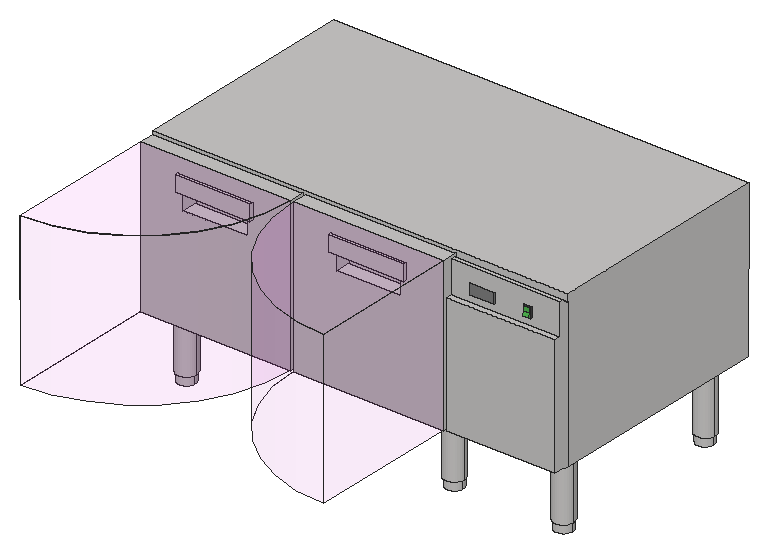
Revit family "QF_ELECTROLUXPROFESSIONAL_371371_E7TTCPCOMIN", category Specialty Equipment, Revit 2018 (continued)
Automatic sketch dimensions
  Split face 147 sketch curve to Extrusion 3 = 22.519 mm
  Split face 147 sketch curve to Extrusion 3 = 65.003 mm
  Split face 147 sketch curve to Split face 147 sketch curve = 4 mm
  Split face 148 sketch curve to Extrusion 3 = 54.499 mm
  Split face 148 sketch curve to Split face 148 sketch curve = 0.02 mm  (x2)
  Split face 148 sketch curve to Extrusion 3 = 22.519 mm
  Split face 148 sketch curve to Extrusion 3 = 53.004 mm
  Split face 148 sketch curve to Split face 148 sketch curve = 4 mm
  Split face 149 sketch curve to Extrusion 3 = 54.499 mm
  Split face 149 sketch curve to Split face 149 sketch curve = 0.02 mm  (x2)
  Split face 149 sketch curve to Extrusion 3 = 22.519 mm
  Split face 149 sketch curve to Extrusion 3 = 41.004 mm
  Split face 149 sketch curve to Split face 149 sketch curve = 4 mm
  Split face 150 sketch curve to Extrusion 3 = 25.004 mm
  Split face 150 sketch curve to Extrusion 3 = 54.499 mm
  Split face 150 sketch curve to Split face 150 sketch curve = 0.02 mm  (x2)
  Split face 150 sketch curve to Extrusion 3 = 22.519 mm
  Split face 150 sketch curve to Split face 150 sketch curve = 4 mm
  Split face 151 sketch curve to Extrusion 3 = 24.901 mm
  Split face 151 sketch curve to Extrusion 3 = 54.499 mm
  Split face 151 sketch curve to Split face 151 sketch curve = 0.02 mm  (x2)
  Split face 151 sketch curve to Extrusion 3 = 22.519 mm
  Split face 151 sketch curve to Split face 151 sketch curve = 4 mm
  Split face 152 sketch curve to Extrusion 3 = 20.5 mm
  Split face 152 sketch curve to Split face 152 sketch curve = 0.02 mm  (x2)
  Split face 152 sketch curve to Split face 152 sketch curve = 31.959 mm
  Split face 152 sketch curve to Extrusion 3 = 140.797 mm
  Split face 152 sketch curve to Split face 152 sketch curve = 4 mm
  Split face 153 sketch curve to Extrusion 3 = 20.5 mm
  Split face 153 sketch curve to Split face 153 sketch curve = 0.02 mm  (x2)
  Split face 153 sketch curve to Split face 153 sketch curve = 31.959 mm
  Split face 153 sketch curve to Extrusion 3 = 152.797 mm
  Split face 153 sketch curve to Split face 153 sketch curve = 4 mm
  Split face 154 sketch curve to Extrusion 3 = 20.5 mm
  Split face 154 sketch curve to Split face 154 sketch curve = 0.02 mm  (x2)
  Split face 154 sketch curve to Split face 154 sketch curve = 31.959 mm
  Split face 154 sketch curve to Extrusion 3 = 148.203 mm
  Split face 154 sketch curve to Split face 154 sketch curve = 4 mm
  Split face 155 sketch curve to Extrusion 3 = 65.502 mm
  Split face 155 sketch curve to Split face 155 sketch curve = 0.02 mm  (x2)
  Split face 155 sketch curve to Split face 155 sketch curve = 31.959 mm
  Split face 155 sketch curve to Extrusion 3 = 140.797 mm
  Split face 155 sketch curve to Split face 155 sketch curve = 4 mm
  Split face 156 sketch curve to Extrusion 3 = 65.502 mm
  Split face 156 sketch curve to Split face 156 sketch curve = 0.02 mm  (x2)
  Split face 156 sketch curve to Split face 156 sketch curve = 31.959 mm
  Split face 156 sketch curve to Extrusion 3 = 152.797 mm
  Split face 156 sketch curve to Split face 156 sketch curve = 4 mm
  Split face 157 sketch curve to Extrusion 3 = 65.502 mm
  Split face 157 sketch curve to Split face 157 sketch curve = 0.02 mm  (x2)
  Split face 157 sketch curve to Split face 157 sketch curve = 31.959 mm
  Split face 157 sketch curve to Extrusion 3 = 148.203 mm
  Split face 157 sketch curve to Split face 157 sketch curve = 4 mm
  Split face 158 sketch curve to Extrusion 3 = 110.502 mm
  Split face 158 sketch curve to Split face 158 sketch curve = 0.02 mm  (x2)
  Split face 158 sketch curve to Split face 158 sketch curve = 31.959 mm
  Split face 158 sketch curve to Extrusion 3 = 140.797 mm
  Split face 158 sketch curve to Split face 158 sketch curve = 4 mm
  Split face 159 sketch curve to Extrusion 3 = 110.502 mm
  Split face 159 sketch curve to Split face 159 sketch curve = 0.02 mm  (x2)
  Split face 159 sketch curve to Split face 159 sketch curve = 31.959 mm
  Split face 159 sketch curve to Extrusion 3 = 152.797 mm
  Split face 159 sketch curve to Split face 159 sketch curve = 4 mm
  Split face 160 sketch curve to Extrusion 3 = 110.502 mm
  Split face 160 sketch curve to Split face 160 sketch curve = 0.02 mm  (x2)
  Split face 160 sketch curve to Split face 160 sketch curve = 31.959 mm
  Split face 160 sketch curve to Extrusion 3 = 148.203 mm
  Split face 160 sketch curve to Split face 160 sketch curve = 4 mm
  Split face 161 sketch curve to Extrusion 3 = 155.502 mm
  Split face 161 sketch curve to Split face 161 sketch curve = 0.02 mm  (x2)
  Split face 161 sketch curve to Split face 161 sketch curve = 31.959 mm
  Split face 161 sketch curve to Extrusion 3 = 140.797 mm
  Split face 161 sketch curve to Split face 161 sketch curve = 4 mm
  Split face 162 sketch curve to Extrusion 3 = 155.502 mm
  Split face 162 sketch curve to Split face 162 sketch curve = 0.02 mm  (x2)
  Split face 162 sketch curve to Split face 162 sketch curve = 31.959 mm
  Split face 162 sketch curve to Extrusion 3 = 152.797 mm
  Split face 162 sketch curve to Split face 162 sketch curve = 4 mm
  Split face 163 sketch curve to Extrusion 3 = 155.502 mm
  Split face 163 sketch curve to Split face 163 sketch curve = 0.02 mm  (x2)
  Split face 163 sketch curve to Split face 163 sketch curve = 31.959 mm
  Split face 163 sketch curve to Extrusion 3 = 148.203 mm
  Split face 163 sketch curve to Split face 163 sketch curve = 4 mm
  Split face 164 sketch curve to Extrusion 3 = 144.498 mm
  Split face 164 sketch curve to Split face 164 sketch curve = 0.02 mm  (x2)
  Split face 164 sketch curve to Split face 164 sketch curve = 31.959 mm
  Split face 164 sketch curve to Extrusion 3 = 140.797 mm
  Split face 164 sketch curve to Split face 164 sketch curve = 4 mm
  Split face 165 sketch curve to Extrusion 3 = 144.498 mm
  Split face 165 sketch curve to Split face 165 sketch curve = 0.02 mm  (x2)
  Split face 165 sketch curve to Split face 165 sketch curve = 31.959 mm
  Split face 165 sketch curve to Extrusion 3 = 152.797 mm
  Split face 165 sketch curve to Split face 165 sketch curve = 4 mm
  Split face 166 sketch curve to Extrusion 3 = 144.498 mm
  Split face 166 sketch curve to Split face 166 sketch curve = 0.02 mm  (x2)
  Split face 166 sketch curve to Split face 166 sketch curve = 31.959 mm
  Split face 166 sketch curve to Extrusion 3 = 148.203 mm
  Split face 166 sketch curve to Split face 166 sketch curve = 4 mm
  Split face 167 sketch curve to Extrusion 3 = 99.499 mm
  Split face 167 sketch curve to Split face 167 sketch curve = 0.02 mm  (x2)
  Split face 167 sketch curve to Split face 167 sketch curve = 31.959 mm
  Split face 167 sketch curve to Extrusion 3 = 140.797 mm
  Split face 167 sketch curve to Split face 167 sketch curve = 4 mm
  Split face 168 sketch curve to Extrusion 3 = 99.499 mm
  Split face 168 sketch curve to Split face 168 sketch curve = 0.02 mm  (x2)
  Split face 168 sketch curve to Split face 168 sketch curve = 31.959 mm
  Split face 168 sketch curve to Extrusion 3 = 152.797 mm
  Split face 168 sketch curve to Split face 168 sketch curve = 4 mm
  Split face 169 sketch curve to Extrusion 3 = 99.499 mm
  Split face 169 sketch curve to Split face 169 sketch curve = 0.02 mm  (x2)
  Split face 169 sketch curve to Split face 169 sketch curve = 31.959 mm
  Split face 169 sketch curve to Extrusion 3 = 148.203 mm
  Split face 169 sketch curve to Split face 169 sketch curve = 4 mm
  Split face 170 sketch curve to Extrusion 3 = 54.499 mm
  Split face 170 sketch curve to Split face 170 sketch curve = 0.02 mm  (x2)
  Split face 170 sketch curve to Extrusion 3 = 22.519 mm
  Split face 170 sketch curve to Extrusion 3 = 140.797 mm
  Split face 170 sketch curve to Split face 170 sketch curve = 4 mm
  Split face 171 sketch curve to Extrusion 3 = 54.499 mm
  Split face 171 sketch curve to Split face 171 sketch curve = 0.02 mm  (x2)
  Split face 171 sketch curve to Extrusion 3 = 22.519 mm
  Split face 171 sketch curve to Extrusion 3 = 152.797 mm
  Split face 171 sketch curve to Split face 171 sketch curve = 4 mm
  Split face 172 sketch curve to Extrusion 3 = 54.499 mm
  Split face 172 sketch curve to Split face 172 sketch curve = 0.02 mm  (x2)
  Split face 172 sketch curve to Extrusion 3 = 22.519 mm
  Split face 172 sketch curve to Extrusion 3 = 148.203 mm
  Split face 172 sketch curve to Split face 172 sketch curve = 4 mm
  Extrusion 7 sketch curve to Extrusion 2 = 15 mm  (x2)
  Extrusion 2 to Extrusion 7 sketch curve = 31.031 mm
  Extrusion 7 sketch curve to Extrusion 2 = 13.969 mm
  plane 4 to Extrusion 8 sketch curve = 1.587 mm
  Extrusion 8 sketch curve to plane 17 = 8.498 mm
  Extrusion 8 sketch curve to plane 14 = 75.198 mm
  Extrusion 8 sketch curve to plane 3 "Centro (Sinistra/Destra)" = 32.799 mm
  Extrusion 8 sketch curve to plane 3 "Centro (Sinistra/Destra)" = 156.499 mm
  Extrusion 8 sketch curve to plane 5 "TOP" = 143.294 mm
  Extrusion 8 sketch curve to plane 5 "TOP" = 65 mm
  Extrusion 8 sketch curve to plane 5 "TOP" = 9.006 mm
  Extrusion 9 sketch curve to Extrusion 8 = 15 mm  (x2)
  Extrusion 8 to Extrusion 9 sketch curve = 31.031 mm
  Extrusion 9 sketch curve to Extrusion 8 = 13.969 mm
  Extrusion 11 sketch curve to plane 18 = 0 mm
  Extrusion 11 sketch curve to plane 11 = 0 mm
  Extrusion 11 sketch curve to plane 3 "Centro (Sinistra/Destra)" = 164.999 mm
  Extrusion 12 sketch curve to plane 11 = 0 mm
  plane 17 to Extrusion 12 sketch curve = 8.498 mm
  plane 3 "Centro (Sinistra/Destra)" to Extrusion 12 sketch curve = 156.499 mm
  radius of Extrusion 10 sketch curve = 6 mm
  radius of Split face 2 sketch curve = 1.2 mm
  radius of Split face 3 sketch curve = 1.2 mm
  radius of Split face 4 sketch curve = 1.2 mm
  radius of Split face 5 sketch curve = 1.2 mm
  radius of Split face 6 sketch curve = 1.2 mm
  radius of Split face 7 sketch curve = 1.2 mm
Nested families
  nested 1: "Foot H200" at (-545, -249, 0), type "Foot H200"
  nested 2: "Foot H200" at (-545, 262, 0), type "Foot H200"
  nested 3: "Foot H200" at (229, -249, 0) x (-1, 0, 0) z (0, 0, 1), type "Foot H200"
  nested 4: "Foot H200" at (229, 262, 0) x (-1, 0, 0) z (0, 0, 1), type "Foot H200"
  nested 5: "Foot H200" at (545, -249, 0) x (-1, 0, 0) z (0, 0, 1), type "Foot H200"
  nested 6: "Foot H200" at (545, 262, 0) x (-1, 0, 0) z (0, 0, 1), type "Foot H200"
  nested 7: "01_Refrigerator" at (350, -150, 0), type "01_Refrigerator"
Connectors
  electrical at (560, 190, 189.987)
    settings: on Extrusion 10, index 1, voltage 0 V, apparent load 0 VA, apparent load phase1 0 VA, apparent load phase2 0 VA, apparent load phase3 0 VA, power factor 1, load classification "Altro", number of poles 1, system type 30, power factor state 1, is connector primary yes, connector utility no, sub classification motor no, connector description "Electrical"
Definition of nested family "Foot H200"
  Reference planes
    plane 1 "Centro (Fronte/Retro)": y = 0
    plane 2: z = 0
    plane 3 "Centro (Sinistra/Destra)": x = 0
    plane 4: z = 200
  Forms (mm)
    Revolve 1, solid
      sketch origin (255.05, 0, 608.09) x (0, 0, 1) y (-1, 0, 0)
        loop
          line (-608.09, 255.05) -> (-608.09, 230.05) -> (-583.09, 230.05) -> (-583.09, 226.05) -> (-408.09, 226.05) -> (-408.09, 255.05) -> (-608.09, 255.05)
        axis (-608.09, 255.05) -> (-408.09, 255.05)
      angle from 0 to 360
  Dimensions and locks
    Revolve 1 sketch curve to Revolve 1 sketch curve = 175 mm
    plane 4 to level = 200 mm
    aligned and locked: level to plane 2
    aligned and locked: plane 4 to Revolve 1 sketch curve
    aligned and locked: Revolve 1 sketch curve to level
    aligned and locked: plane 3 "Centro (Sinistra/Destra)" to Revolve 1 sketch curve
Definition of nested family "01_Refrigerator"
  Reference planes
    plane 1 "Center (Front/Back)": y = 0
    plane 2: z = 0
    plane 3 "Center (Left/Right)": x = 0
  Lines and regions (mm)
    detail lines, in view "Ref. Level"
      curve 1: line (0, -60, 0) -> (0, 60, 0)
      curve 2: line (-51.962, 30, 0) -> (51.962, -30, 0)
      curve 3: line (-51.962, -30, 0) -> (51.962, 30, 0)
      curve 4: line (19.116, 56.873, 0) -> (0, 35, 0)
      curve 5: line (0, 35, 0) -> (-19.116, 56.873, 0)
      curve 6: line (-30.311, 17.5, 0) -> (-40, 45.883, 0)
      curve 7: line (-59.736, 11.7, 0) -> (-30.311, 17.5, 0)
      curve 8: line (-30.311, -17.5, 0) -> (-59.736, -11.7, 0)
      curve 9: line (-40, -45.883, 0) -> (-30.311, -17.5, 0)
      curve 10: line (0, -35, 0) -> (-19.116, -56.873, 0)
      curve 11: line (19.116, -56.873, 0) -> (0, -35, 0)
      curve 12: line (30.311, -17.5, 0) -> (39.696, -44.992, 0)
      curve 13: line (58.812, -11.882, 0) -> (30.311, -17.5, 0)
      curve 14: line (30.311, 17.5, 0) -> (58.812, 11.882, 0)
      curve 15: line (39.696, 44.992, 0) -> (30.311, 17.5, 0)
      curve 16: spline (-200, 0, 0) -> (-193.185, -23.294, 0) -> (-173.205, -45, 0) -> (-141.421, -63.64, 0) -> (-100, -77.942, 0) -> (-51.764, -86.933, 0) -> (0, -90, 0) -> (51.764, -86.933, 0) -> (100, -77.942, 0) -> (141.421, -63.64, 0) -> (173.205, -45, 0) -> (193.185, -23.294, 0) -> (200, 0, 0) -> (193.185, 23.294, 0) -> (173.205, 45, 0) -> (141.421, 63.64, 0) -> (100, 77.942, 0) -> (51.764, 86.933, 0) -> (0, 90, 0) -> (-51.764, 86.933, 0) -> (-100, 77.942, 0) -> (-141.421, 63.64, 0) -> (-173.205, 45, 0) -> (-193.185, 23.294, 0) -> (-200, 0, 0)
Types (2, lengths in mm): name | Volts | URL Manufacturer | URL | Manufacturer | Phase | Model | Item Number | Description | Cycle
  (no name) | 0 V | "" | "" | "" | 0 | "" | "" | "" | 0 Hz
  Standard | 220 V | "http://professional.electrolux.com" | "http://professional.electrolux.com" | "Electrolux Professional" | 1 | "E7TTCPCOMIN" | "371371" | "REFRIGERATED BASE WITH 2 DOORS 1200MM-60HZ - R290" | 60 Hz
